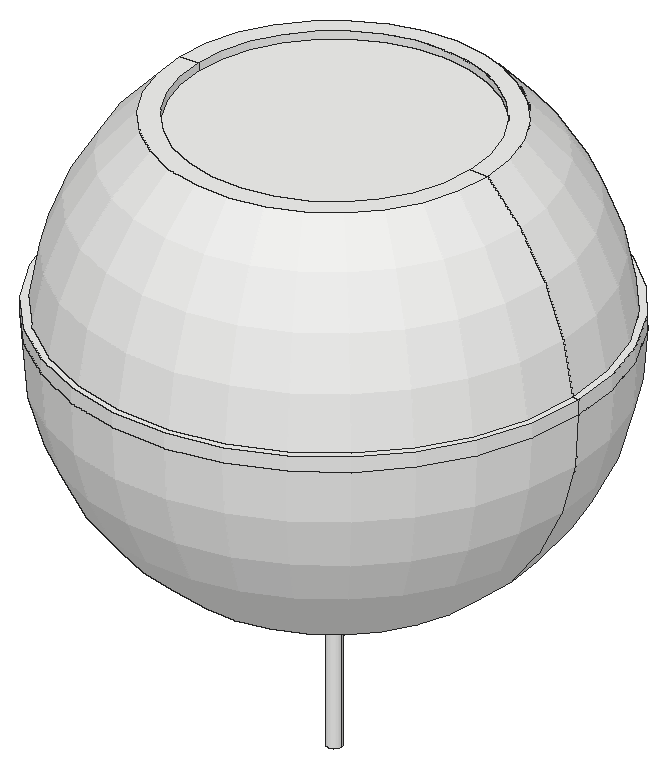
Revit family "1Electronics_Commercial-Loudspeakers_Biamp_Two-Way-Pendant-Sphere-Loudspeaker_SPH16", category Communication Devices, host Face, Revit 2020
Family settings
  Host = Face
  Maintain Annotation Orientation = No
  Round Connector Dimension = Use Diameter
  Part Type = Normal
  OmniClass Number = 23.85.10.11.14.14.14
  OmniClass Title = Loudspeakers
  Cut with Voids When Loaded = No
  Shared = No
  Room Calculation Point = No
Parameters (values of type "SPH16")
  Woofer cone material = "Paper"  # constant formula
  Woofer size in inch = "5.25"  # constant formula
  Weight = 3.75 lbf  # constant formula
  URL = "https://www.biamp.com/"
  Tweeter size in inch = "1"  # constant formula
  SPL 1W/1m in dB = "88"  # constant formula
  Product data url = "https://bimobject.com/biamp/product/sph16_commercial-loudspeakers-pendant"
  Product Page URL = "https://www.biamp.com/products/product-families/commercial-loudspeakers/pendant#sph16"
  Product Documentation Link = "https://downloads.biamp.com/assets/docs/default-source/data-sheets/biamp_data_sheet_sph16_aug20.pdf"
  Nom Cable Length [instance] = if(Pendant Length < 0.19685", 0.19685", if(Pendant Length > 177.16535", 177.16535", Pendant Length))  # 1.9685"
  Mounting system = "Ceiling socket"  # constant formula
  Model = "SPH16"  # constant formula
  Max SPL 1m in dB = "102"  # constant formula
  Manufacturer = "Biamp"  # constant formula
  Low impedance dynamic power in watts = "25"  # constant formula
  Low impedance RMS power in watts = "16"  # constant formula
  Loudspeaker system = "2-way"  # constant formula
  Housing Material = Biamp - Plastic - White
  Vertical dispersion angle 1000 Hz = "180°\r"  # constant formula
  Grill Material = Biamp - Plastic - White(Grid)
  Frequency response in Hz = "80-20k"  # constant formula
  Diameter = 7.08661"  # constant formula
  Description = "SPH16 Two-Way Pendant Sphere Loudspeaker"  # constant formula
  Default Elevation = 0.00"  # constant formula
  Pendant Length [instance] = 1.9685"
  Impedance (ohms) = "8"  # constant formula
  100V transformer power taps in watts = "16 - 8 - 4"  # constant formula
Reference planes (in)
  plane 1 "Center (Front/Back)": y = 0
  plane 2: z = 0
  plane 3 "Center (Left/Right)": x = 0
  plane 4: z = 1.9685
  plane 5: z = 8.12884
  plane 6: z = 7.93199
  plane 7: z = 8.03041
Forms (in)
  Extrusion 1, solid, material "Biamp - Plastic - White" <- "Housing Material"
    sketch origin (0, 0, 0) x (1, 0, 0) y (0, 1, 0)
      loop
        circle (0, 0) r 0.09843
    from 0 to 1.9685
  Revolve 2, solid, material "Biamp - Plastic - White" <- "Housing Material", detail levels medium+fine
    sketch origin (-0.01395, -0.01402, 5.0382) x (1, 0, 0) y (0, 0, -1)
      loop
        line (0.01395, 3.0697) -> (0.01395, -3.09063) -> (2.23614, -3.09063)
        arc (2.23614, -3.09063) -> (3.08024, -1.99715) -> (3.46508, -0.67046) r 3.70468
        line (3.46508, -0.67046) -> (3.55726, -0.67046) -> (3.55726, -0.47361)
        arc (3.55726, -0.47361) -> (2.58332, 2.02576) -> (0.11238, 3.0697) r 3.44625
        line (0.11238, 3.0697) -> (0.01395, 3.0697)
      axis (0.01395, 3.0697) -> (0.01395, -3.09063)
    angle from 0 to 360
  Extrusion 3, void
    sketch origin (0, 0, 0) x (1, 0, 0) y (0, 1, 0)
      loop
        circle (0, 0) r 1.9685
    from 7.93199 to 8.12884
  Extrusion 4, solid, material "Biamp - Plastic - White(Grid)" <- "Grill Material", detail levels medium+fine
    sketch origin (0, 0, 0) x (1, 0, 0) y (0, 1, 0)
      loop
        circle (0, 0) r 1.9685
    from 7.93199 to 8.03041
  Revolve 5, solid, material "Biamp - Plastic - White" <- "Housing Material", detail levels coarse
    sketch origin (0, 0, 0) x (1, 0, 0) y (0, 0, 1)
      loop
        line (-0.09843, 1.9685) -> (0, 1.9685) -> (0, 8.12884) -> (-2.22219, 8.12884)
        arc (-2.22219, 8.12884) -> (-3.35649, 4.29154) -> (-0.09843, 1.9685) r 3.44625
      axis (0, 1.9685) -> (0, 8.12884)
    angle from 0 to 360
Cuts and joins
  Extrusion 3 cuts Extrusion 1
  Extrusion 3 cuts Revolve 2
Lines and regions (in)
  Masking region 1
    outline origin (0, 0, 0) x (1, 0, 0) y (0, 1, 0)
      loop
        circle (0, -0.01402) r 3.54331
  Masking region 2
    outline origin (0, 0, 0) x (0, 1, 0) y (0, 0, 1)
      loop
        line (-3.55733, 5.70866) -> (-3.55733, 5.51181)
        arc (-3.55733, 5.51181) -> (-2.57426, 3.01155) -> (-0.09843, 1.9685) r 3.45991
        line (-0.09843, 1.9685) -> (0.09843, 1.9685)
        arc (0.09843, 1.9685) -> (2.56449, 3.01335) -> (3.52929, 5.51181) r 3.43265
        line (3.52929, 5.51181) -> (3.52929, 5.70866) -> (3.43711, 5.70866)
        arc (3.43711, 5.70866) -> (3.0506, 7.03451) -> (2.20817, 8.12884) r 3.72992
        line (2.20817, 8.12884) -> (-2.23621, 8.12884)
        arc (-2.23621, 8.12884) -> (-3.08804, 7.03928) -> (-3.46515, 5.70866) r 3.59264
        line (-3.46515, 5.70866) -> (-3.55733, 5.70866)
  Masking region 3
    outline origin (0, 0, 0) x (0, 1, 0) y (0, 0, 1)
      loop
        line (-0.09843, 1.9685) -> (-0.09843, 0) -> (0.09843, 0) -> (0.09843, 1.9685) -> (-0.09843, 1.9685)
  Masking region 4
    outline origin (0, 0, 0) x (1, 0, 0) y (0, 0, 1)
      loop
        line (-0.09843, 1.9685) -> (-0.09843, 0) -> (0.09843, 0) -> (0.09843, 1.9685) -> (-0.09843, 1.9685)
  Masking region 5
    outline origin (0, 0, 0) x (1, 0, 0) y (0, 0, 1)
      loop
        line (-0.09843, 1.9685) -> (0.09843, 1.9685)
        arc (0.09843, 1.9685) -> (2.56937, 3.01245) -> (3.54331, 5.51181) r 3.44625
        line (3.54331, 5.51181) -> (3.54331, 5.70866) -> (3.45113, 5.70866)
        arc (3.45113, 5.70866) -> (3.07402, 7.03928) -> (2.22219, 8.12884) r 3.59252
        line (2.22219, 8.12884) -> (-2.22219, 8.12884)
        arc (-2.22219, 8.12884) -> (-3.07402, 7.03928) -> (-3.45113, 5.70866) r 3.59252
        line (-3.45113, 5.70866) -> (-3.54331, 5.70866) -> (-3.54331, 5.51181)
        arc (-3.54331, 5.51181) -> (-2.56937, 3.01245) -> (-0.09843, 1.9685) r 3.44625
  symbolic lines
    curve 1: circle (0, 0, 0) r 1.9685 normal (0, 0, 1)
    curve 2: circle (0, 0, 0) r 2.20817 normal (0, 0, 1)
    curve 3: circle (0, 0, 0) r 3.43711 normal (0, 0, 1)
    curve 4: line (0, -3.46515, 5.70866) -> (0, 3.43711, 5.70866)
    curve 5: line (-3.45113, 0, 5.70866) -> (3.45113, 0, 5.70866)
Dimensions and locks (in)
  "Nom Cable Length": plane 4 to plane 2
  locked: plane 5 to plane 6 at 0.19685
  locked: plane 5 to plane 4 at 6.16033
  equal spacing: plane 5, plane 7, plane 6
  aligned and locked: plane 2 to host face
  aligned and locked: level to host face
  aligned and locked: Extrusion 1 to plane 2
  aligned and locked: plane 4 to Extrusion 1
  aligned and locked: Revolve 2 sketch curve to plane 4
  aligned and locked: plane 3 "Center (Left/Right)" to Revolve 2 sketch curve
  aligned and locked: Revolve 2 sketch curve to plane 3 "Center (Left/Right)"
  aligned and locked: cut or joined group of Revolve 2, Extrusion 3 to plane 6
  aligned and locked: plane 5 to cut or joined group of Revolve 2, Extrusion 3
  aligned and locked: plane 7 to Extrusion 4
  aligned and locked: Extrusion 4 to plane 6
  aligned and locked: Masking region 2 sketch curve to plane 4
  aligned and locked: Masking region 2 sketch curve to plane 5
  aligned and locked: curve 4 to Masking region 2
  aligned and locked: Masking region 3 sketch curve to plane 4
  aligned and locked: plane 2 to Masking region 3 sketch curve
  aligned and locked: Masking region 4 sketch curve to plane 4
  aligned and locked: plane 2 to Masking region 4 sketch curve
  aligned and locked: Masking region 5 sketch curve to plane 4
  aligned and locked: Masking region 5 sketch curve to plane 5
  aligned and locked: curve 5 to Masking region 5
Automatic sketch dimensions
  host sketch curve to host sketch curve = 96.00"  (x2)
  plane 1 "Center (Front/Back)" to Extrusion 1 sketch curve = 0.00"
  Extrusion 1 sketch curve to plane 3 "Center (Left/Right)" = 0.00"
  Revolve 2 sketch curve to plane 3 "Center (Left/Right)" = 0.23692"
  Revolve 2 sketch curve to Revolve 2 sketch curve = 0.09843"
  Revolve 2 sketch curve to Revolve 2 sketch curve = 2.22219"
  plane 4 to Revolve 2 sketch curve = 3.74016"
  Revolve 2 sketch curve to Revolve 2 sketch curve = 1.22894"
  Revolve 2 sketch curve to Revolve 2 sketch curve = 0.09218"
  Revolve 2 sketch curve to Revolve 2 sketch curve = 0.19685"
  Revolve 2 sketch curve to Revolve 2 sketch curve = 0.05674"
  Revolve 2 sketch curve to Revolve 2 sketch curve = 0.9539"
  Revolve 2 sketch curve to Revolve 2 sketch curve = 0.06944"
  plane 1 "Center (Front/Back)" to Extrusion 3 sketch curve = 0.00"
  Extrusion 3 sketch curve to plane 3 "Center (Left/Right)" = 0.00"
  plane 1 "Center (Front/Back)" to Extrusion 4 sketch curve = 0.00"
  Extrusion 4 sketch curve to plane 3 "Center (Left/Right)" = 0.00"
  Masking region 1 sketch curve to Masking region 1 sketch curve = 0.00"  (x2)
  Masking region 1 sketch curve to plane 3 "Center (Left/Right)" = 0.00"
  plane 1 "Center (Front/Back)" to Masking region 1 sketch curve = 0.01402"
  Masking region 1 sketch curve to Masking region 1 sketch curve = 3.54331"
  curve 1 to curve 2 = 0.00"  (x2)
  curve 1 to curve 3 = 0.00"  (x2)
  curve 2 to curve 3 = 0.00"  (x2)
  plane 1 "Center (Front/Back)" to curve 2 = 0.00"
  curve 2 to plane 3 "Center (Left/Right)" = 0.00"
  Masking region 2 sketch curve to plane 6 = 2.22332"  (x2)
  plane 1 "Center (Front/Back)" to Masking region 2 sketch curve = 3.55733"
  Masking region 2 sketch curve to Masking region 2 sketch curve = 0.09218"  (x2)
  plane 1 "Center (Front/Back)" to Masking region 2 sketch curve = 2.23621"
  plane 1 "Center (Front/Back)" to Masking region 2 sketch curve = 0.27512"
  plane 1 "Center (Front/Back)" to Masking region 2 sketch curve = 0.09843"
  Masking region 2 sketch curve to plane 1 "Center (Front/Back)" = 0.09843"
  Masking region 2 sketch curve to Masking region 2 sketch curve = 0.01685"
  Masking region 2 sketch curve to plane 1 "Center (Front/Back)" = 2.20817"
  Masking region 2 sketch curve to Masking region 2 sketch curve = 1.22894"
  Masking region 2 sketch curve to Masking region 2 sketch curve = 0.01152"
  Masking region 2 sketch curve to Masking region 2 sketch curve = 0.08267"
  plane 1 "Center (Front/Back)" to curve 4 = 3.46515"
  curve 4 to plane 1 "Center (Front/Back)" = 3.43711"
  plane 1 "Center (Front/Back)" to Masking region 3 sketch curve = 0.09843"
  Masking region 3 sketch curve to plane 1 "Center (Front/Back)" = 0.09843"
  Masking region 4 sketch curve to plane 3 "Center (Left/Right)" = 0.09843"
  plane 3 "Center (Left/Right)" to Masking region 4 sketch curve = 0.09843"
  Masking region 5 sketch curve to plane 6 = 2.22332"  (x2)
  Masking region 5 sketch curve to plane 3 "Center (Left/Right)" = 3.45113"
  Masking region 5 sketch curve to plane 3 "Center (Left/Right)" = 2.22219"
  Masking region 5 sketch curve to plane 3 "Center (Left/Right)" = 0.12918"
  Masking region 5 sketch curve to Masking region 5 sketch curve = 0.03076"  (x2)
  plane 3 "Center (Left/Right)" to Masking region 5 sketch curve = 0.09843"
  plane 3 "Center (Left/Right)" to Masking region 5 sketch curve = 2.22219"
  Masking region 5 sketch curve to Masking region 5 sketch curve = 1.22894"
  Masking region 5 sketch curve to Masking region 5 sketch curve = 0.09218"  (x2)
  Masking region 5 sketch curve to Masking region 5 sketch curve = 0.00203"  (x2)
  curve 5 to plane 3 "Center (Left/Right)" = 3.45113"
  plane 3 "Center (Left/Right)" to curve 5 = 3.45113"
  Revolve 5 sketch curve to plane 5 = 0.00"  (x2)
  Revolve 5 sketch curve to plane 4 = 0.00"
  Revolve 5 sketch curve to plane 3 "Center (Left/Right)" = 0.00"  (x2)
  Revolve 5 sketch curve to plane 3 "Center (Left/Right)" = 0.09843"
  Revolve 5 sketch curve to plane 3 "Center (Left/Right)" = 2.22219"
  plane 5 to Revolve 5 sketch curve = 0.59055"
  radius of Extrusion 1 sketch curve = 0.09843"
  radius of Extrusion 3 sketch curve = 1.9685"
  radius of Extrusion 4 sketch curve = 1.9685"
  radius of curve 1 = 1.9685"
  radius of curve 2 = 2.20817"
  radius of curve 3 = 3.43711"
Connectors (in)
  electrical at (0, 0, 0)
    settings: on cut or joined group of Extrusion 1, Extrusion 3, index 1, voltage 0 V, apparent load 0 VA, apparent load phase1 0 VA, apparent load phase2 0 VA, apparent load phase3 0 VA, power factor 1, load classification "Other", number of poles 1, system type 5, power factor state 1, is connector primary yes, connector utility no, sub classification motor no, connector description "Wire; 16-8-4 W 100V"
